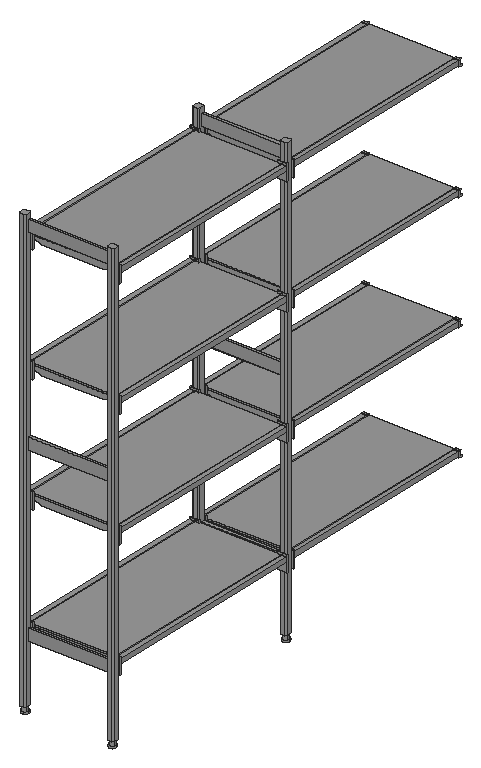
Revit family "QF_ZANUSSI_137060_ACS1664", category Attrezzature speciali, Revit 2020
Family settings
  Quota connettore circolare = Usa diametro
  Tipo di parte = Normale
  Basato su piano di lavoro = No
  Sempre verticale = Sì
  Taglio con vuoti quando caricato = No
  Condiviso = No
  Punto di calcolo locali = No
Parameters (values of type "Standard")
  Weight = 28.00 kg
  Watts = 0 W
  Volts = 0 V
  URL Manufacturer = "http://www.zanussiprofessional.com"
  URL = "http://www.zanussiprofessional.com"
  Steam Supply Size = 0 mm
  Steam Supply Minimum Pressure = 0.0 Pa
  Steam Supply Maximum Pressure = 0.0 Pa
  Steam Consumption per Hour = 0
  Refrigeration Suction Line Size = 0.0 mm
  Refrigeration Liquid Line Size = 0.0 mm
  Refrigerant Compressor Remote = yes
  Prospetto di default = 0.0 mm
  Phase = 0
  Modello = "ACS1664"
  Produttore = "Zanussi"
  Length Actual = 1668.0 mm  # constant formula
  Item Number = "137060"
  Hot Water Size = 0 mm
  Height Actual = 1700.0 mm  # constant formula
  HP = "0 HP"
  Gas Size = 0 mm
  Gas KW = 0
  Gas Input Pressure = 0 W
  Direct Waste Size = 0 mm
  Descrizione = "ALUM.CORNER SHELV.-POLY.TIERS-373X1668MM"
  Depth Actual = 373.0 mm  # constant formula
  Cycle = 0 Hz
  Condensate Return Size = 0 mm
  Compressed Air Volume = 0.0 L/s
  Compressed Air Size = 0 mm
  Compressed Air Pressure = 0.0 Pa
  Cold Water Size = 0 mm
  Accessory = yes
Reference planes
  plane 1: z = 0
  plane 2 "CenterLeft": y = -535.5
  plane 3 "FRONT": y = -921.5
  plane 4 "LEFT": x = 192.5
  plane 5 "RIGHT": x = 565.5
  plane 6 "TOP": z = 1700
  plane 7: y = -889.5
  plane 8: y = -91.5
  plane 9 "Center (Left/Back)": x = 379
  plane 10: x = 205
  plane 11: x = 515
  plane 12 "FEET": z = 25
  plane 13: z = 275
  plane 14: z = 725
  plane 15: z = 1175
  plane 16: z = 1625
  plane 17 "CXLeft": y = -907.5
  plane 18 "Center (Front/Back)": y = -73.5
  plane 19 "CYFront": x = 510
  plane 20: y = 742.5
  plane 21: y = -55.5
  plane 22 "BACK": y = 746.5
  plane 23 "LEFT_ORIGIN": x = 158.5
  plane 24 "BACK_ORIGIN": y = 1119.5
Forms (mm)
  Extrusion 1, solid, material "QF_Aluminum"
    sketch origin (38.022, -921.5, -4.006) x (-1, 0, 0) y (0, 0, 1)
      loop
        line (-189.5, 1637.003) -> (-173.5, 1637.003) -> (-173.5, 1655) -> (-175.493, 1655) -> (-175.493, 1648.501) -> (-506.5, 1648.501) -> (-506.5, 1655) -> (-508.5, 1655) -> (-508.5, 1637.003) -> (-492.5, 1637.003) -> (-458.5, 1625) -> (-223.5, 1625) -> (-189.5, 1637.003)
      loop
        line (-189.5, 1187.003) -> (-173.5, 1187.003) -> (-173.5, 1205) -> (-175.493, 1205) -> (-175.493, 1198.501) -> (-506.5, 1198.501) -> (-506.5, 1205) -> (-508.5, 1205) -> (-508.5, 1187.003) -> (-492.5, 1187.003) -> (-458.5, 1175) -> (-223.5, 1175) -> (-189.5, 1187.003)
      loop
        line (-189.5, 737.003) -> (-173.5, 737.003) -> (-173.5, 755) -> (-175.493, 755) -> (-175.493, 748.501) -> (-506.5, 748.501) -> (-506.5, 755) -> (-508.5, 755) -> (-508.5, 737.003) -> (-492.5, 737.003) -> (-458.5, 725) -> (-223.5, 725) -> (-189.5, 737.003)
      loop
        line (-189.5, 287.003) -> (-173.5, 287.003) -> (-173.5, 305) -> (-175.493, 305) -> (-175.493, 298.501) -> (-506.5, 298.501) -> (-506.5, 305) -> (-508.5, 305) -> (-508.5, 287.003) -> (-492.5, 287.003) -> (-458.5, 275) -> (-223.5, 275) -> (-189.5, 287.003)
    from 37 to 32
  Extrusion 2, solid, material "QF_Aluminum"
    sketch origin (38.022, -921.5, 0) x (-1, 0, 0) y (0, 0, 1)
      loop
        line (-154.478, 246.005) -> (-154.478, 307.993) -> (-190.471, 307.993) -> (-190.471, 246.005) -> (-154.478, 246.005)
      loop
        line (-527.478, 246.005) -> (-491.484, 246.005) -> (-491.484, 307.993) -> (-527.478, 307.993) -> (-527.478, 246.005)
      loop
        line (-154.478, 696.005) -> (-154.478, 757.993) -> (-190.471, 757.993) -> (-190.471, 696.005) -> (-154.478, 696.005)
      loop
        line (-527.478, 696.005) -> (-491.484, 696.005) -> (-491.484, 757.993) -> (-527.478, 757.993) -> (-527.478, 696.005)
      loop
        line (-154.478, 1146.005) -> (-154.478, 1207.993) -> (-190.471, 1207.993) -> (-190.471, 1146.005) -> (-154.478, 1146.005)
      loop
        line (-527.478, 1146.005) -> (-491.484, 1146.005) -> (-491.484, 1207.993) -> (-527.478, 1207.993) -> (-527.478, 1146.005)
      loop
        line (-154.478, 1596.005) -> (-154.478, 1657.993) -> (-190.471, 1657.993) -> (-190.471, 1596.005) -> (-154.478, 1596.005)
      loop
        line (-527.478, 1596.005) -> (-491.484, 1596.005) -> (-491.484, 1657.993) -> (-527.478, 1657.993) -> (-527.478, 1596.005)
    from 28 to 32
  Extrusion 3, solid, material "QF_Aluminum"
    sketch origin (38.022, -921.5, 0) x (-1, 0, 0) y (0, 0, 1)
      loop
        line (-154.5, 1650.994) -> (-173.5, 1650.994) -> (-173.5, 1632.998) -> (-154.5, 1632.998) -> (-154.5, 1650.994)
      loop
        line (-154.5, 1200.994) -> (-173.5, 1200.994) -> (-173.5, 1182.998) -> (-154.5, 1182.998) -> (-154.5, 1200.994)
      loop
        line (-154.5, 750.994) -> (-173.5, 750.994) -> (-173.5, 732.998) -> (-154.5, 732.998) -> (-154.5, 750.994)
      loop
        line (-154.5, 300.994) -> (-173.5, 300.994) -> (-173.5, 282.998) -> (-154.5, 282.998) -> (-154.5, 300.994)
      loop
        line (-527.455, 1650.994) -> (-527.455, 1632.998) -> (-508.455, 1632.998) -> (-508.455, 1650.994) -> (-527.455, 1650.994)
      loop
        line (-527.455, 1200.994) -> (-527.455, 1182.998) -> (-508.455, 1182.998) -> (-508.455, 1200.994) -> (-527.455, 1200.994)
      loop
        line (-527.455, 750.994) -> (-527.455, 732.998) -> (-508.455, 732.998) -> (-508.455, 750.994) -> (-527.455, 750.994)
      loop
        line (-527.455, 300.994) -> (-527.455, 282.998) -> (-508.455, 282.998) -> (-508.455, 300.994) -> (-527.455, 300.994)
    from 32 to 830
  Extrusion 4, solid, material "QF_Polyethylene"
    sketch origin (38.022, -921.5, 0) x (-1, 0, 0) y (0, 0, 1)
      loop
        line (-175.493, 1650.994) -> (-506.5, 1650.994) -> (-506.5, 1644.496) -> (-175.493, 1644.496) -> (-175.493, 1650.994)
      loop
        line (-175.493, 1200.994) -> (-506.5, 1200.994) -> (-506.5, 1194.496) -> (-175.493, 1194.496) -> (-175.493, 1200.994)
      loop
        line (-175.493, 750.994) -> (-506.5, 750.994) -> (-506.5, 744.496) -> (-175.493, 744.496) -> (-175.493, 750.994)
      loop
        line (-175.493, 300.994) -> (-506.5, 300.994) -> (-506.5, 294.496) -> (-175.493, 294.496) -> (-175.493, 300.994)
    from 32 to 830
  Extrusion 5, solid, material "QF_Aluminum"
    sketch origin (38.022, 684.5, 0) x (-1, 0, 0) y (0, 0, 1)
      loop
        line (-154.5, 1650.994) -> (-173.5, 1650.994) -> (-173.5, 1632.998) -> (-154.5, 1632.998) -> (-154.5, 1650.994)
      loop
        line (-508.5, 1650.994) -> (-527.455, 1650.994) -> (-527.455, 1632.998) -> (-508.5, 1632.998) -> (-508.5, 1650.994)
      loop
        line (-154.5, 1200.994) -> (-173.5, 1200.994) -> (-173.5, 1182.998) -> (-154.5, 1182.998) -> (-154.5, 1200.994)
      loop
        line (-508.5, 1200.994) -> (-527.455, 1200.994) -> (-527.455, 1182.998) -> (-508.5, 1182.998) -> (-508.5, 1200.994)
      loop
        line (-154.5, 750.994) -> (-173.5, 750.994) -> (-173.5, 732.998) -> (-154.5, 732.998) -> (-154.5, 750.994)
      loop
        line (-508.5, 750.994) -> (-527.455, 750.994) -> (-527.455, 732.998) -> (-508.5, 732.998) -> (-508.5, 750.994)
      loop
        line (-154.5, 300.994) -> (-173.5, 300.994) -> (-173.5, 282.998) -> (-154.5, 282.998) -> (-154.5, 300.994)
      loop
        line (-508.5, 300.994) -> (-527.455, 300.994) -> (-527.455, 282.998) -> (-508.5, 282.998) -> (-508.5, 300.994)
    from 58 to -740
  Extrusion 6, solid, material "QF_Polyethylene"
    sketch origin (38.022, 684.5, 0) x (-1, 0, 0) y (0, 0, 1)
      loop
        line (-175.493, 1650.994) -> (-506.5, 1650.994) -> (-506.5, 1644.496) -> (-175.493, 1644.496) -> (-175.493, 1650.994)
      loop
        line (-175.493, 1200.994) -> (-506.5, 1200.994) -> (-506.5, 1194.496) -> (-175.493, 1194.496) -> (-175.493, 1200.994)
      loop
        line (-175.493, 750.994) -> (-506.5, 750.994) -> (-506.5, 744.496) -> (-175.493, 744.496) -> (-175.493, 750.994)
      loop
        line (-175.493, 300.994) -> (-506.5, 300.994) -> (-506.5, 294.496) -> (-175.493, 294.496) -> (-175.493, 300.994)
    from 58 to -740
Lines and regions (mm)
  symbolic lines
    curve 1: line (205, -912.5, 1700) -> (515, -912.5, 1700)
    curve 2: line (515, -902.5, 1700) -> (205, -902.5, 1700)
    curve 3: line (192.5, -893.5, 1700) -> (192.5, -87.5, 1700)
    curve 4: line (565.5, -889.5, 1700) -> (565.5, -91.5, 1700)
    curve 5: line (192.5, -59.5, 1700) -> (192.5, 746.5, 1700)
    curve 6: line (565.5, -59.5, 1700) -> (565.5, 746.5, 1700)
    curve 7: line (211.522, 742.5, 1700) -> (510.507, 742.5, 1700)
    curve 8: line (211.522, -91.5, 1700) -> (510.507, -91.5, 1700)
    curve 9: line (510.507, -55.5, 1700) -> (211.522, -55.5, 1700)
    curve 10: line (211.522, -889.5, 1700) -> (510.507, -889.5, 1700)
    curve 11: line (211.522, -889.5, 1700) -> (211.522, -91.5, 1700)
    curve 12: line (546.478, -91.5, 1700) -> (546.478, -889.5, 1700)
    curve 13: line (211.522, -55.5, 1700) -> (211.522, 742.5, 1700)
    curve 14: line (546.522, 652.5, 1700) -> (546.522, -145.5, 1700)
Dimensions and locks
  plane 3 "FRONT" to plane 2 "CenterLeft" = 386.0 mm
  locked: plane 6 "TOP" to level at 1700
  locked: plane 7 to plane 8 at 798
  locked: plane 10 to plane 11 at 310
  plane 10 to plane 9 "Center (Left/Back)" to plane 11 = 174.0 mm, 136.0 mm
  equal spacing: plane 4 "LEFT", plane 9 "Center (Left/Back)", plane 5 "RIGHT"
  plane 12 "FEET" to level = 25.0 mm
  plane 6 "TOP" to plane 12 "FEET" = 1675.0 mm
  plane 13 to plane 12 "FEET" = 250.0 mm
  plane 14 to plane 13 = 450.0 mm
  plane 15 to plane 14 = 450.0 mm
  plane 16 to plane 15 = 450.0 mm
  plane 19 "CYFront" to Extrusion 1 sketch curve = 34.522 mm
  locked: plane 21 to plane 20 at 798
  locked: plane 8 to plane 18 "Center (Front/Back)" at 18
  locked: plane 18 "Center (Front/Back)" to plane 21 at 18
  locked: plane 3 "FRONT" to plane 7 at 32
  locked: plane 4 "LEFT" to plane 5 "RIGHT" at 373
  locked: plane 23 "LEFT_ORIGIN" to plane 5 "RIGHT" at 407
  locked: plane 22 "BACK" to plane 24 "BACK_ORIGIN" at 373
  locked: plane 22 "BACK" to plane 3 "FRONT" at 1668
  aligned and locked: level to plane 1
  aligned and locked: Extrusion 1 to plane 7
  aligned and locked: plane 7 to Extrusion 2
  aligned and locked: Extrusion 4 to plane 7
  aligned and locked: plane 8 to Extrusion 4
  aligned and locked: Extrusion 3 to plane 7
  aligned and locked: plane 8 to Extrusion 3
  aligned and locked: Extrusion 1 sketch curve to Extrusion 1 sketch curve  (x3)
  aligned and locked: Extrusion 4 sketch curve to Extrusion 1  (x4)
  aligned and locked: Extrusion 5 sketch curve to Extrusion 5 sketch curve  (x2)
  aligned and locked: Extrusion 5 to plane 21  (x5)
  aligned and locked: Extrusion 6 to plane 21  (x5)
  aligned and locked: nested 2 to plane 18 "Center (Front/Back)"
  aligned and locked: nested 1 to plane 17 "CXLeft"
  aligned and locked: plane 7 to Extrusion 3  (x3)
  aligned and locked: Extrusion 3 to plane 8  (x4)
  aligned and locked: Extrusion 4 to plane 8  (x4)
  aligned and locked: plane 20 to Extrusion 5
  aligned and locked: plane 20 to Extrusion 6
  aligned and locked: Extrusion 5 to plane 20  (x3)
  aligned and locked: Extrusion 6 to plane 20  (x3)
  aligned and locked: plane 9 "Center (Left/Back)" to nested 2
  aligned and locked: nested 3 to plane 22 "BACK"
Automatic sketch dimensions
  curve 1 to plane 10 = 0.0 mm
  curve 1 to plane 11 = 0.0 mm
  curve 2 to plane 10 = 0.0 mm
  curve 2 to plane 11 = 0.0 mm
  curve 3 to plane 4 "LEFT" = 0.0 mm
  plane 7 to curve 10 = 0.0 mm
  curve 4 to plane 5 "RIGHT" = 0.0 mm
  plane 7 to curve 4 = 0.0 mm
  plane 8 to curve 8 = 0.0 mm
  plane 8 to curve 4 = 0.0 mm
  curve 6 to plane 5 "RIGHT" = 0.0 mm
  curve 5 to plane 4 "LEFT" = 0.0 mm
  curve 9 to plane 21 = 0.0 mm
  plane 20 to curve 7 = 0.0 mm
  plane 7 to curve 3 = 4.0 mm
  plane 17 "CXLeft" to curve 2 = 5.0 mm
  curve 1 to plane 17 "CXLeft" = 5.0 mm
  curve 3 to plane 8 = 4.0 mm
  curve 6 to plane 21 = 4.0 mm
  curve 5 to plane 21 = 4.0 mm
  curve 6 to plane 20 = 4.0 mm
  curve 5 to plane 20 = 4.0 mm
  plane 11 to curve 10 = 4.493 mm
  plane 11 to curve 9 = 4.493 mm
  plane 11 to curve 8 = 4.493 mm
  plane 11 to curve 7 = 4.493 mm
  curve 8 to plane 10 = 6.522 mm
  curve 7 to plane 10 = 6.522 mm
  Extrusion 1 sketch curve to plane 19 "CYFront" = 36.522 mm  (x4)
  Extrusion 1 sketch curve to plane 11 = 15.522 mm  (x4)
  Extrusion 1 sketch curve to plane 13 = 4.006 mm
  Extrusion 1 sketch curve to Extrusion 1 sketch curve = 34.0 mm  (x4)
  Extrusion 1 sketch curve to plane 14 = 4.006 mm
  Extrusion 1 sketch curve to plane 15 = 4.006 mm
  Extrusion 1 sketch curve to plane 16 = 4.006 mm
  Extrusion 1 sketch curve to plane 10 = 56.522 mm  (x4)
  Extrusion 1 sketch curve to plane 10 = 22.522 mm  (x4)
  plane 13 to Extrusion 1 sketch curve = 7.998 mm  (x2)
  Extrusion 1 sketch curve to Extrusion 1 sketch curve = 11.498 mm  (x4)
  Extrusion 1 sketch curve to Extrusion 1 sketch curve = 6.499 mm  (x8)
  plane 14 to Extrusion 1 sketch curve = 7.998 mm  (x2)
  plane 15 to Extrusion 1 sketch curve = 7.998 mm  (x2)
  plane 16 to Extrusion 1 sketch curve = 7.998 mm  (x2)
  Extrusion 2 sketch curve to plane 5 "RIGHT" = 0.0 mm  (x4)
  Extrusion 2 sketch curve to plane 4 "LEFT" = 0.0 mm  (x4)
  Extrusion 2 sketch curve to plane 11 = 14.507 mm  (x4)
  Extrusion 2 sketch curve to plane 10 = 23.493 mm  (x4)
  Extrusion 2 sketch curve to plane 13 = 28.995 mm  (x2)
  plane 13 to Extrusion 2 sketch curve = 32.993 mm  (x2)
  Extrusion 2 sketch curve to plane 14 = 28.995 mm  (x2)
  plane 14 to Extrusion 2 sketch curve = 32.993 mm  (x2)
  Extrusion 2 sketch curve to plane 15 = 28.995 mm  (x2)
  plane 15 to Extrusion 2 sketch curve = 32.993 mm  (x2)
  Extrusion 2 sketch curve to plane 16 = 28.995 mm  (x2)
  plane 16 to Extrusion 2 sketch curve = 32.993 mm  (x2)
  plane 13 to Extrusion 4 sketch curve = 19.496 mm
  Extrusion 4 sketch curve to Extrusion 4 sketch curve = 6.499 mm  (x4)
  plane 14 to Extrusion 4 sketch curve = 19.496 mm
  plane 15 to Extrusion 4 sketch curve = 19.496 mm
  plane 16 to Extrusion 4 sketch curve = 19.496 mm
  plane 5 "RIGHT" to Extrusion 5 sketch curve = 0.022 mm  (x4)
  Extrusion 5 sketch curve to plane 4 "LEFT" = 19.022 mm  (x4)
  Extrusion 5 sketch curve to plane 19 "CYFront" = 36.522 mm  (x2)
  plane 13 to Extrusion 5 sketch curve = 7.998 mm  (x2)
  Extrusion 5 sketch curve to Extrusion 5 sketch curve = 17.997 mm  (x8)
  plane 14 to Extrusion 5 sketch curve = 7.998 mm  (x2)
  plane 15 to Extrusion 5 sketch curve = 7.998 mm  (x2)
  plane 16 to Extrusion 5 sketch curve = 7.998 mm  (x2)
  Extrusion 6 sketch curve to plane 19 "CYFront" = 34.522 mm  (x4)
  plane 13 to Extrusion 6 sketch curve = 19.496 mm
  Extrusion 6 sketch curve to Extrusion 6 sketch curve = 6.499 mm  (x4)
  plane 14 to Extrusion 6 sketch curve = 19.496 mm
  plane 15 to Extrusion 6 sketch curve = 19.496 mm
  plane 16 to Extrusion 6 sketch curve = 19.496 mm
  plane 5 "RIGHT" to Extrusion 3 sketch curve = 0.022 mm  (x4)
  Extrusion 3 sketch curve to Extrusion 3 sketch curve = 19.0 mm  (x4)
  plane 14 to Extrusion 3 sketch curve = 7.998 mm  (x2)
  Extrusion 3 sketch curve to plane 10 = 6.522 mm  (x4)
  Extrusion 3 sketch curve to plane 4 "LEFT" = 0.022 mm  (x4)
  plane 13 to Extrusion 3 sketch curve = 25.994 mm  (x2)
  plane 13 to Extrusion 3 sketch curve = 7.998 mm  (x2)
  Extrusion 3 sketch curve to Extrusion 3 sketch curve = 17.997 mm  (x6)
  plane 15 to Extrusion 3 sketch curve = 7.998 mm  (x2)
  plane 16 to Extrusion 3 sketch curve = 7.998 mm  (x2)
  plane 7 to curve 12 = 0.0 mm
  plane 8 to curve 12 = 0.0 mm
  curve 4 to curve 12 = 19.022 mm
  Extrusion 1 sketch curve to plane 10 = 8.516 mm  (x4)
  Extrusion 1 sketch curve to plane 10 = 6.522 mm  (x2)
  Extrusion 1 sketch curve to Extrusion 1 sketch curve = 1.993 mm  (x2)
  Extrusion 4 sketch curve to plane 10 = 8.516 mm  (x4)
  Extrusion 5 sketch curve to plane 4 "LEFT" = 0.022 mm  (x4)
  Extrusion 6 sketch curve to plane 10 = 8.516 mm  (x4)
Nested families
  nested 1: "WT_Anta373" at (215.5, -504.5, 0) x (0, 1, 0) z (0, 0, 1), type "WT_Anta373"
  nested 2: "WT_Anta373Center" at (215.5, 329.5, 0) x (0, 1, 0) z (0, 0, 1), type "WT_Anta373Center"
  nested 3: "WT_Aggancio373" at (215.5, 1154.5, 0) x (0, 1, 0) z (0, 0, 1), type "WT_Aggancio373"
Definition of nested family "WT_Anta373"
  Parameters
    WidthLeft = A + 64.0 mm  # 772.0 mm
    Width = 1606.0 mm
    Right = WidthLeft / 2  # 386.0 mm
    Default Elevation = 0.0 mm
    Left = -WidthLeft / 2  # -386.0 mm
    Height = 1725.0 mm
    FEET = 25.0 mm
    E = 0.0 mm
    Dint = Depth - 63.0 mm  # 310.0 mm
    Dext = Depth - 8.0 mm  # 365.0 mm
    Depth = 373.0 mm
    DX = (WidthLeft - A) / 2  # 32.0 mm
    B = 798.0 mm
    A = 708.0 mm
  Reference planes
    plane 1: z = 0
    plane 2 "LEFT": x = -417
    plane 3 "BACK": y = 23
    plane 4 "FRONT": y = -350
    plane 5 "TOP": z = 1725
    plane 6 "Center (Front/Back)": y = -163.5
    plane 7: y = -8.5
    plane 8: y = -318.5
    plane 9 "FEET": z = 25
    plane 10: z = 275
    plane 11: z = 725
    plane 12: z = 1175
    plane 13: z = 1625
    plane 14 "CXLeft": x = -403
    plane 15: y = 5.5
    plane 16 "CYBack": y = 5.5
    plane 17 "CYFront": y = -332.5
    plane 18: x = -385.031
    plane 19: x = -380.031
  Forms (mm)
    Extrusion 1, solid
      sketch origin (0, 0, 0) x (1, 0, 0) y (0, 1, 0)
        loop
          line (-417, 13.246) -> (-417, -2.246) -> (-410.746, -8.5) -> (-395.254, -8.5) -> (-389, -2.246) -> (-389, 13.246) -> (-395.254, 19.5) -> (-410.746, 19.5) -> (-417, 13.246)
      from 1725 to 25
    Extrusion 2, solid
      sketch origin (-417, 0, 0) x (0, 1, 0) y (0, 0, 1)
        loop
          line (23, 246.005) -> (23, 307.993) -> (-12.993, 307.993) -> (-12.993, 246.005) -> (23, 246.005)
        loop
          line (-350, 246.005) -> (-314.007, 246.005) -> (-314.007, 307.993) -> (-350, 307.993) -> (-350, 246.005)
        loop
          line (23, 696.005) -> (23, 757.993) -> (-12.993, 757.993) -> (-12.993, 696.005) -> (23, 696.005)
        loop
          line (-350, 696.005) -> (-314.007, 696.005) -> (-314.007, 757.993) -> (-350, 757.993) -> (-350, 696.005)
        loop
          line (23, 1146.005) -> (23, 1207.993) -> (-12.993, 1207.993) -> (-12.993, 1146.005) -> (23, 1146.005)
        loop
          line (-350, 1146.005) -> (-314.007, 1146.005) -> (-314.007, 1207.993) -> (-350, 1207.993) -> (-350, 1146.005)
        loop
          line (23, 1596.005) -> (23, 1657.993) -> (-12.993, 1657.993) -> (-12.993, 1596.005) -> (23, 1596.005)
        loop
          line (-350, 1596.005) -> (-314.007, 1596.005) -> (-314.007, 1657.993) -> (-350, 1657.993) -> (-350, 1596.005)
      from 28 to 32
    Revolve 3, solid
      sketch origin (-403, 0, 0) x (0, 1, 0) y (0, 0, 1)
        loop
          line (5.5, 25) -> (5.5, 0) -> (19, 0) -> (19, 5) -> (14, 5) -> (14, 25) -> (5.5, 25)
        axis (5.5, 25) -> (5.5, 0)
      angle from 0 to 360
    Extrusion 4, solid
      sketch origin (-403, 0, 0) x (0, 1, 0) y (0, 0, 1)
        loop
          line (-8.5, 912.382) -> (-8.5, 957.374) -> (-318.5, 957.374) -> (-318.5, 912.382) -> (-8.5, 912.382)
        loop
          line (-8.5, 1662.244) -> (-8.5, 1707.236) -> (-318.5, 1707.236) -> (-318.5, 1662.244) -> (-8.5, 1662.244)
      from -5 to 5
    Revolve 5, solid
      sketch origin (-403, -627, 0) x (0, -1, 0) y (0, 0, 1)
        loop
          line (-294.5, 25) -> (-294.5, 0) -> (-281, 0) -> (-281, 5) -> (-286, 5) -> (-286, 25) -> (-294.5, 25)
        axis (-294.5, 25) -> (-294.5, 0)
      angle from 0 to 360
    Extrusion 6, solid
      sketch origin (0, -627, 0) x (1, 0, 0) y (0, 1, 0)
        loop
          line (-417, 286.754) -> (-410.746, 280.5) -> (-395.254, 280.5) -> (-389, 286.754) -> (-389, 302.246) -> (-395.254, 308.5) -> (-410.746, 308.5) -> (-417, 302.246) -> (-417, 286.754)
      from 1725 to 25
    Extrusion 7, solid
      sketch origin (-417.031, -0.022, 0) x (0, 1, 0) y (0, 0, -1)
        loop
          line (-12, -1632.998) -> (-46, -1620.994) -> (-281, -1620.994) -> (-315, -1632.998) -> (-331, -1632.998) -> (-331, -1650.994) -> (-329, -1650.994) -> (-329, -1644.496) -> (2.007, -1644.496) -> (2.007, -1650.994) -> (4, -1650.994) -> (4, -1632.998) -> (-12, -1632.998)
        loop
          line (-12, -1182.998) -> (-46, -1170.994) -> (-281, -1170.994) -> (-315, -1182.998) -> (-331, -1182.998) -> (-331, -1200.994) -> (-329, -1200.994) -> (-329, -1194.496) -> (2.007, -1194.496) -> (2.007, -1200.994) -> (4, -1200.994) -> (4, -1182.998) -> (-12, -1182.998)
        loop
          line (-12, -732.998) -> (-46, -720.994) -> (-281, -720.994) -> (-315, -732.998) -> (-331, -732.998) -> (-331, -750.994) -> (-329, -750.994) -> (-329, -744.496) -> (2.007, -744.496) -> (2.007, -750.994) -> (4, -750.994) -> (4, -732.998) -> (-12, -732.998)
        loop
          line (-12, -282.998) -> (-46, -270.994) -> (-281, -270.994) -> (-315, -282.998) -> (-331, -282.998) -> (-331, -300.994) -> (-329, -300.994) -> (-329, -294.496) -> (2.007, -294.496) -> (2.007, -300.994) -> (4, -300.994) -> (4, -282.998) -> (-12, -282.998)
      from -32 to -37
    Extrusion 8, solid
      sketch origin (-403, 0, -659.878) x (0, 1, 0) y (0, 0, 1)
        loop
          line (-8.5, 912.382) -> (-8.5, 957.374) -> (-318.5, 957.374) -> (-318.5, 912.382) -> (-8.5, 912.382)
        loop
          line (-8.5, 1572.382) -> (-8.5, 1617.374) -> (-318.5, 1617.374) -> (-318.5, 1572.382) -> (-8.5, 1572.382)
        loop
          line (-8.5, 2322.382) -> (-8.5, 2367.374) -> (-318.5, 2367.374) -> (-318.5, 2322.382) -> (-8.5, 2322.382)
      from -5 to 5
  Lines and regions (mm)
    symbolic lines
      curve 1: line (-408, -8.5, 1725) -> (-408, -318.5, 1725)
      curve 2: line (-398, -318.5, 1725) -> (-398, -8.5, 1725)
      curve 3: line (-395.254, -8.5, 1725) -> (-410.746, -8.5, 1725)
      curve 4: line (-417, -2.246, 1725) -> (-410.746, -8.5, 1725)
      curve 5: line (-417, 13.246, 1725) -> (-417, -2.246, 1725)
      curve 6: line (-410.746, 19.5, 1725) -> (-417, 13.246, 1725)
      curve 7: line (-395.254, 19.5, 1725) -> (-410.746, 19.5, 1725)
      curve 8: line (-389, 13.246, 1725) -> (-395.254, 19.5, 1725)
      curve 9: line (-395.254, -8.5, 1725) -> (-389, -2.246, 1725)
      curve 10: line (-395.254, -318.5, 1725) -> (-410.746, -318.5, 1725)
      curve 11: line (-417, -324.754, 1725) -> (-410.746, -318.5, 1725)
      curve 12: line (-410.746, -346.5, 1725) -> (-417, -340.246, 1725)
      curve 13: line (-395.254, -346.5, 1725) -> (-410.746, -346.5, 1725)
      curve 14: line (-389, -340.246, 1725) -> (-395.254, -346.5, 1725)
      curve 15: line (-395.254, -318.5, 1725) -> (-389, -324.754, 1725)
      curve 16: line (-389, -350, 1725) -> (-389, -314.007, 1725)
      curve 17: line (-389, -314.007, 1725) -> (-385, -314.007, 1725)
      curve 18: line (-389, 23, 1725) -> (-389, -12.993, 1725)
      curve 19: line (-389, -12.993, 1725) -> (-385, -12.993, 1725)
      curve 20: line (-417, -324.754, 1725) -> (-417, -340.246, 1725)
      curve 21: line (-385, -350, 1725) -> (-385, -314.007, 1725)
      curve 22: line (-385, -350, 1725) -> (-389, -350, 1725)
      curve 23: line (-385, 23, 1725) -> (-389, 23, 1725)
      curve 24: line (-385, -12.993, 1725) -> (-385, 23, 1725)
      curve 25: line (-385.031, -13.016, 1725) -> (-385.031, -314.029, 1725)
  Dimensions and locks
    "Height": plane 5 "TOP" to level
    "Depth": plane 3 "BACK" to plane 4 "FRONT"
    "Dint": plane 7 to plane 8
    equal spacing: plane 7, plane 6 "Center (Front/Back)", plane 8
    equal spacing: plane 3 "BACK", plane 6 "Center (Front/Back)", plane 4 "FRONT"
    plane 9 "FEET" to level = 25.0 mm
    plane 5 "TOP" to plane 9 "FEET" = 1700.0 mm
    plane 10 to plane 9 "FEET" = 250.0 mm
    plane 11 to plane 10 = 450.0 mm
    plane 12 to plane 11 = 450.0 mm
    plane 13 to plane 12 = 450.0 mm
    locked: plane 2 "LEFT" to plane 14 "CXLeft" at 14
    locked: plane 3 "BACK" to plane 16 "CYBack" at 17.5
    locked: plane 17 "CYFront" to plane 4 "FRONT" at 17.5
    locked: Revolve 3 sketch curve to Revolve 3 sketch curve at 8.5
    locked: Revolve 3 sketch curve to plane 16 "CYBack" at 13.5
    locked: Revolve 5 sketch curve to Revolve 5 sketch curve at 8.5
    aligned and locked: level to plane 1
    aligned and locked: curve 20 to Extrusion 6
    aligned and locked: plane 5 "TOP" to Extrusion 1
    aligned and locked: plane 5 "TOP" to Extrusion 6
    aligned and locked: Extrusion 7 sketch curve to Extrusion 7 sketch curve  (x3)
  Automatic sketch dimensions
    curve 16 to plane 4 "FRONT" = 0.0 mm
    curve 11 to plane 8 = 0.0 mm
    curve 9 to plane 7 = 0.0 mm
    curve 5 to plane 2 "LEFT" = 0.0 mm
    curve 23 to plane 3 "BACK" = 0.0 mm
    plane 4 "FRONT" to curve 13 = 3.5 mm
    curve 20 to plane 17 "CYFront" = 7.746 mm
    curve 20 to plane 8 = 6.254 mm
    plane 8 to curve 16 = 4.493 mm
    curve 24 to plane 18 = 0.031 mm
    curve 24 to plane 7 = 4.493 mm
    plane 7 to curve 5 = 6.254 mm
    curve 5 to plane 15 = 7.746 mm
    curve 6 to plane 3 "BACK" = 3.5 mm
    curve 21 to plane 18 = 0.031 mm
    plane 18 to curve 23 = 3.969 mm
    plane 18 to curve 16 = 3.969 mm
    curve 18 to curve 8 = 6.254 mm
    curve 18 to curve 3 = 6.254 mm
    curve 16 to curve 13 = 6.254 mm
    curve 16 to curve 15 = 6.254 mm
    plane 2 "LEFT" to curve 10 = 6.254 mm
    plane 2 "LEFT" to curve 7 = 6.254 mm
    plane 2 "LEFT" to curve 12 = 6.254 mm
    plane 2 "LEFT" to curve 3 = 6.254 mm
    curve 14 to plane 17 "CYFront" = 7.746 mm
    curve 15 to plane 8 = 6.254 mm
    plane 7 to curve 9 = 6.254 mm
    curve 8 to plane 15 = 7.746 mm
    curve 3 to curve 2 = 2.746 mm
    curve 1 to curve 10 = 2.746 mm
    Extrusion 1 sketch curve to plane 2 "LEFT" = 0.0 mm
    Extrusion 1 sketch curve to plane 7 = 0.0 mm
    plane 2 "LEFT" to Extrusion 1 sketch curve = 6.254 mm  (x2)
    plane 14 "CXLeft" to Extrusion 1 sketch curve = 7.746 mm  (x2)
    Extrusion 1 sketch curve to plane 3 "BACK" = 3.5 mm
    plane 18 to Extrusion 1 sketch curve = 3.969 mm
    plane 7 to Extrusion 1 sketch curve = 6.254 mm  (x2)
    Extrusion 1 sketch curve to plane 15 = 7.746 mm  (x2)
    Extrusion 2 sketch curve to plane 4 "FRONT" = 0.0 mm  (x4)
    Extrusion 2 sketch curve to plane 3 "BACK" = 0.0 mm  (x4)
    plane 8 to Extrusion 2 sketch curve = 4.493 mm  (x4)
    Extrusion 2 sketch curve to plane 7 = 4.493 mm  (x4)
    Extrusion 2 sketch curve to plane 10 = 28.995 mm  (x2)
    plane 10 to Extrusion 2 sketch curve = 32.993 mm  (x2)
    Extrusion 2 sketch curve to plane 11 = 28.995 mm  (x2)
    plane 11 to Extrusion 2 sketch curve = 32.993 mm  (x2)
    Extrusion 2 sketch curve to plane 12 = 28.995 mm  (x2)
    plane 12 to Extrusion 2 sketch curve = 32.993 mm  (x2)
    Extrusion 2 sketch curve to plane 13 = 28.995 mm  (x2)
    plane 13 to Extrusion 2 sketch curve = 32.993 mm  (x2)
    Revolve 3 sketch curve to plane 9 "FEET" = 0.0 mm  (x2)
    Revolve 3 sketch curve to plane 15 = 0.0 mm  (x2)
    Revolve 3 sketch curve to level = 0.0 mm
    level to Revolve 3 sketch curve = 5.0 mm
    Revolve 3 sketch curve to Revolve 3 sketch curve = 11.655 mm
    Extrusion 4 sketch curve to plane 8 = 0.0 mm  (x2)
    Extrusion 4 sketch curve to plane 7 = 0.0 mm  (x2)
    plane 11 to Extrusion 4 sketch curve = 187.382 mm
    Extrusion 4 sketch curve to Extrusion 4 sketch curve = 44.992 mm
    plane 13 to Extrusion 4 sketch curve = 37.244 mm
    Extrusion 4 sketch curve to plane 5 "TOP" = 17.764 mm
    Revolve 5 sketch curve to plane 9 "FEET" = 0.0 mm  (x2)
    Revolve 5 sketch curve to plane 17 "CYFront" = 0.0 mm  (x2)
    Revolve 5 sketch curve to level = 0.0 mm
    Revolve 5 sketch curve to plane 4 "FRONT" = 4.0 mm
    Revolve 5 sketch curve to Revolve 5 sketch curve = 5.0 mm
    level to Revolve 5 sketch curve = 11.655 mm
    Extrusion 6 sketch curve to plane 2 "LEFT" = 0.0 mm
    Extrusion 6 sketch curve to plane 8 = 0.0 mm
    Extrusion 6 sketch curve to plane 2 "LEFT" = 6.254 mm  (x2)
    Extrusion 6 sketch curve to plane 14 "CXLeft" = 7.746 mm  (x2)
    Extrusion 6 sketch curve to plane 4 "FRONT" = 3.5 mm
    Extrusion 6 sketch curve to plane 18 = 3.969 mm
    plane 8 to Extrusion 6 sketch curve = 6.254 mm  (x2)
    plane 17 "CYFront" to Extrusion 6 sketch curve = 7.746 mm  (x2)
    plane 17 "CYFront" to Extrusion 7 sketch curve = 1.478 mm  (x4)
    Extrusion 7 sketch curve to Extrusion 7 sketch curve = 2.0 mm
    plane 8 to Extrusion 7 sketch curve = 3.478 mm  (x4)
    Extrusion 7 sketch curve to plane 10 = 4.006 mm
    Extrusion 7 sketch curve to Extrusion 7 sketch curve = 34.0 mm  (x4)
    Extrusion 7 sketch curve to plane 11 = 4.006 mm
    Extrusion 7 sketch curve to plane 12 = 4.006 mm
    Extrusion 7 sketch curve to plane 13 = 4.006 mm
    Extrusion 7 sketch curve to plane 7 = 37.522 mm  (x4)
    Extrusion 7 sketch curve to plane 7 = 3.522 mm  (x4)
    plane 15 to Extrusion 7 sketch curve = 3.516 mm  (x4)
    plane 15 to Extrusion 7 sketch curve = 1.522 mm  (x4)
    plane 13 to Extrusion 7 sketch curve = 7.998 mm  (x2)
    Extrusion 7 sketch curve to Extrusion 7 sketch curve = 11.498 mm
    Extrusion 7 sketch curve to Extrusion 7 sketch curve = 6.499 mm  (x5)
    plane 12 to Extrusion 7 sketch curve = 25.994 mm  (x2)
    plane 12 to Extrusion 7 sketch curve = 7.998 mm  (x2)
    plane 11 to Extrusion 7 sketch curve = 25.994 mm  (x2)
    plane 11 to Extrusion 7 sketch curve = 7.998 mm  (x2)
    plane 10 to Extrusion 7 sketch curve = 25.994 mm  (x2)
    plane 10 to Extrusion 7 sketch curve = 7.998 mm  (x2)
    curve 25 to plane 18 = 0.0 mm
    plane 8 to curve 25 = 4.471 mm
    curve 25 to plane 7 = 4.516 mm
    Extrusion 8 sketch curve to plane 8 = 0.0 mm  (x3)
    Extrusion 8 sketch curve to plane 7 = 0.0 mm  (x3)
    Extrusion 8 sketch curve to plane 10 = 22.496 mm
    plane 10 to Extrusion 8 sketch curve = 22.496 mm
    plane 11 to Extrusion 8 sketch curve = 187.504 mm
    Extrusion 8 sketch curve to Extrusion 8 sketch curve = 44.992 mm
    plane 13 to Extrusion 8 sketch curve = 37.504 mm
    Extrusion 8 sketch curve to plane 5 "TOP" = 17.504 mm
Definition of nested family "WT_Anta373Center"
  Parameters
    WidthLeft = A + 64.0 mm  # 772.0 mm
    Width = 1606.0 mm
    Right = WidthLeft / 2  # 386.0 mm
    Default Elevation = 0.0 mm
    Left = -WidthLeft / 2  # -386.0 mm
    Height = 1725.0 mm
    FEET = 25.0 mm
    E = 0.0 mm
    Dint = Depth - 63.0 mm  # 310.0 mm
    Dext = Depth - 8.0 mm  # 365.0 mm
    Depth = 373.0 mm
    DX = (WidthLeft - A) / 2  # 32.0 mm
    B = 798.0 mm
    A = 708.0 mm
  Reference planes
    plane 1: z = 0
    plane 2 "L": x = -417
    plane 3 "BACK": y = 23
    plane 4 "FRONT": y = -350
    plane 5 "TOP": z = 1725
    plane 6 "Center (Front/Back)": y = -163.5
    plane 7: y = -8.5
    plane 8: y = -318.5
    plane 9 "FEET": z = 25
    plane 10: z = 275
    plane 11: z = 725
    plane 12: z = 1175
    plane 13: z = 1625
    plane 14 "CXLeft": x = -403
    plane 15: y = 5.5
    plane 16 "CYBack": y = 5.5
    plane 17 "CYFront": y = -332.5
    plane 18: x = -385.031
    plane 19 "RIGHT": x = -380.031
    plane 20: x = -420.969
    plane 21 "LEFT": x = -425.969
  Forms (mm)
    Extrusion 1, solid
      sketch origin (0, 0, 0) x (1, 0, 0) y (0, 1, 0)
        loop
          line (-417, 13.246) -> (-417, -2.246) -> (-410.746, -8.5) -> (-395.254, -8.5) -> (-389, -2.246) -> (-389, 13.246) -> (-395.254, 19.5) -> (-410.746, 19.5) -> (-417, 13.246)
      from 1725 to 25
    Extrusion 2, solid
      sketch origin (-417, 0, 0) x (0, 1, 0) y (0, 0, 1)
        loop
          line (23, 246.005) -> (23, 307.993) -> (-12.993, 307.993) -> (-12.993, 246.005) -> (23, 246.005)
        loop
          line (-350, 246.005) -> (-314.007, 246.005) -> (-314.007, 307.993) -> (-350, 307.993) -> (-350, 246.005)
        loop
          line (23, 696.005) -> (23, 757.993) -> (-12.993, 757.993) -> (-12.993, 696.005) -> (23, 696.005)
        loop
          line (-350, 696.005) -> (-314.007, 696.005) -> (-314.007, 757.993) -> (-350, 757.993) -> (-350, 696.005)
        loop
          line (23, 1146.005) -> (23, 1207.993) -> (-12.993, 1207.993) -> (-12.993, 1146.005) -> (23, 1146.005)
        loop
          line (-350, 1146.005) -> (-314.007, 1146.005) -> (-314.007, 1207.993) -> (-350, 1207.993) -> (-350, 1146.005)
        loop
          line (23, 1596.005) -> (23, 1657.993) -> (-12.993, 1657.993) -> (-12.993, 1596.005) -> (23, 1596.005)
        loop
          line (-350, 1596.005) -> (-314.007, 1596.005) -> (-314.007, 1657.993) -> (-350, 1657.993) -> (-350, 1596.005)
      from 28 to 32
    Revolve 3, solid
      sketch origin (-403, 0, 0) x (0, 1, 0) y (0, 0, 1)
        loop
          line (5.5, 25) -> (5.5, 0) -> (19, 0) -> (19, 5) -> (14, 5) -> (14, 25) -> (5.5, 25)
        axis (5.5, 25) -> (5.5, 0)
      angle from 0 to 360
    Extrusion 4, solid
      sketch origin (-403, 0, 0) x (0, 1, 0) y (0, 0, 1)
        loop
          line (-8.5, 912.382) -> (-8.5, 957.374) -> (-318.5, 957.374) -> (-318.5, 912.382) -> (-8.5, 912.382)
        loop
          line (-8.5, 1662.244) -> (-8.5, 1707.236) -> (-318.5, 1707.236) -> (-318.5, 1662.244) -> (-8.5, 1662.244)
      from -5 to 5
    Revolve 5, solid
      sketch origin (-403, -627, 0) x (0, -1, 0) y (0, 0, 1)
        loop
          line (-294.5, 25) -> (-294.5, 0) -> (-281, 0) -> (-281, 5) -> (-286, 5) -> (-286, 25) -> (-294.5, 25)
        axis (-294.5, 25) -> (-294.5, 0)
      angle from 0 to 360
    Extrusion 6, solid
      sketch origin (0, -627, 0) x (1, 0, 0) y (0, 1, 0)
        loop
          line (-417, 286.754) -> (-410.746, 280.5) -> (-395.254, 280.5) -> (-389, 286.754) -> (-389, 302.246) -> (-395.254, 308.5) -> (-410.746, 308.5) -> (-417, 302.246) -> (-417, 286.754)
      from 1725 to 25
    Extrusion 7, solid
      sketch origin (-417.031, -0.022, 0) x (0, 1, 0) y (0, 0, -1)
        loop
          line (-12, -1632.998) -> (-46, -1620.994) -> (-281, -1620.994) -> (-315, -1632.998) -> (-331, -1632.998) -> (-331, -1650.994) -> (-329, -1650.994) -> (-329, -1644.496) -> (2.007, -1644.496) -> (2.007, -1650.994) -> (4, -1650.994) -> (4, -1632.998) -> (-12, -1632.998)
        loop
          line (-12, -1182.998) -> (-46, -1170.994) -> (-281, -1170.994) -> (-315, -1182.998) -> (-331, -1182.998) -> (-331, -1200.994) -> (-329, -1200.994) -> (-329, -1194.496) -> (2.007, -1194.496) -> (2.007, -1200.994) -> (4, -1200.994) -> (4, -1182.998) -> (-12, -1182.998)
        loop
          line (-12, -732.998) -> (-46, -720.994) -> (-281, -720.994) -> (-315, -732.998) -> (-331, -732.998) -> (-331, -750.994) -> (-329, -750.994) -> (-329, -744.496) -> (2.007, -744.496) -> (2.007, -750.994) -> (4, -750.994) -> (4, -732.998) -> (-12, -732.998)
        loop
          line (-12, -282.998) -> (-46, -270.994) -> (-281, -270.994) -> (-315, -282.998) -> (-331, -282.998) -> (-331, -300.994) -> (-329, -300.994) -> (-329, -294.496) -> (2.007, -294.496) -> (2.007, -300.994) -> (4, -300.994) -> (4, -282.998) -> (-12, -282.998)
      from -32 to -37
    Extrusion 8, solid
      sketch origin (-403, 0, -659.878) x (0, 1, 0) y (0, 0, 1)
        loop
          line (-8.5, 912.382) -> (-8.5, 957.374) -> (-318.5, 957.374) -> (-318.5, 912.382) -> (-8.5, 912.382)
        loop
          line (-8.5, 1572.382) -> (-8.5, 1617.374) -> (-318.5, 1617.374) -> (-318.5, 1572.382) -> (-8.5, 1572.382)
        loop
          line (-8.5, 2322.382) -> (-8.5, 2367.374) -> (-318.5, 2367.374) -> (-318.5, 2322.382) -> (-8.5, 2322.382)
      from -5 to 5
    Extrusion 9, solid
      sketch origin (-389, 0, 0) x (0, 1, 0) y (0, 0, -1)
        loop
          line (23, -246.005) -> (-12.993, -246.005) -> (-12.993, -307.993) -> (23, -307.993) -> (23, -246.005)
        loop
          line (-350, -246.005) -> (-350, -307.993) -> (-314.007, -307.993) -> (-314.007, -246.005) -> (-350, -246.005)
        loop
          line (23, -696.005) -> (-12.993, -696.005) -> (-12.993, -757.993) -> (23, -757.993) -> (23, -696.005)
        loop
          line (-350, -696.005) -> (-350, -757.993) -> (-314.007, -757.993) -> (-314.007, -696.005) -> (-350, -696.005)
        loop
          line (23, -1146.005) -> (-12.993, -1146.005) -> (-12.993, -1207.993) -> (23, -1207.993) -> (23, -1146.005)
        loop
          line (-350, -1146.005) -> (-350, -1207.993) -> (-314.007, -1207.993) -> (-314.007, -1146.005) -> (-350, -1146.005)
        loop
          line (23, -1596.005) -> (-12.993, -1596.005) -> (-12.993, -1657.993) -> (23, -1657.993) -> (23, -1596.005)
        loop
          line (-350, -1596.005) -> (-350, -1657.993) -> (-314.007, -1657.993) -> (-314.007, -1596.005) -> (-350, -1596.005)
      from 28 to 32
    Extrusion 10, solid
      sketch origin (-388.969, -0.022, 0) x (0, 1, 0) y (0, 0, 1)
        loop
          line (-12, 1632.998) -> (4, 1632.998) -> (4, 1650.994) -> (2.007, 1650.994) -> (2.007, 1644.496) -> (-329, 1644.496) -> (-329, 1650.994) -> (-331, 1650.994) -> (-331, 1632.998) -> (-315, 1632.998) -> (-281, 1620.994) -> (-46, 1620.994) -> (-12, 1632.998)
        loop
          line (-12, 1182.998) -> (4, 1182.998) -> (4, 1200.994) -> (2.007, 1200.994) -> (2.007, 1194.496) -> (-329, 1194.496) -> (-329, 1200.994) -> (-331, 1200.994) -> (-331, 1182.998) -> (-315, 1182.998) -> (-281, 1170.994) -> (-46, 1170.994) -> (-12, 1182.998)
        loop
          line (-12, 732.998) -> (4, 732.998) -> (4, 750.994) -> (2.007, 750.994) -> (2.007, 744.496) -> (-329, 744.496) -> (-329, 750.994) -> (-331, 750.994) -> (-331, 732.998) -> (-315, 732.998) -> (-281, 720.994) -> (-46, 720.994) -> (-12, 732.998)
        loop
          line (-12, 282.998) -> (4, 282.998) -> (4, 300.994) -> (2.007, 300.994) -> (2.007, 294.496) -> (-329, 294.496) -> (-329, 300.994) -> (-331, 300.994) -> (-331, 282.998) -> (-315, 282.998) -> (-281, 270.994) -> (-46, 270.994) -> (-12, 282.998)
      from -32 to -37
  Lines and regions (mm)
    symbolic lines
      curve 1: line (-408, -8.5, 1725) -> (-408, -318.5, 1725)
      curve 2: line (-398, -318.5, 1725) -> (-398, -8.5, 1725)
      curve 3: line (-395.254, -8.5, 1725) -> (-410.746, -8.5, 1725)
      curve 4: line (-417, -2.246, 1725) -> (-410.746, -8.5, 1725)
      curve 5: line (-410.746, 19.5, 1725) -> (-417, 13.246, 1725)
      curve 6: line (-395.254, 19.5, 1725) -> (-410.746, 19.5, 1725)
      curve 7: line (-389, 13.246, 1725) -> (-395.254, 19.5, 1725)
      curve 8: line (-395.254, -8.5, 1725) -> (-389, -2.246, 1725)
      curve 9: line (-395.254, -318.5, 1725) -> (-410.746, -318.5, 1725)
      curve 10: line (-417, -324.754, 1725) -> (-410.746, -318.5, 1725)
      curve 11: line (-410.746, -346.5, 1725) -> (-417, -340.246, 1725)
      curve 12: line (-395.254, -346.5, 1725) -> (-410.746, -346.5, 1725)
      curve 13: line (-389, -340.246, 1725) -> (-395.254, -346.5, 1725)
      curve 14: line (-395.254, -318.5, 1725) -> (-389, -324.754, 1725)
      curve 15: line (-389, -350, 1725) -> (-389, -314.007, 1725)
      curve 16: line (-389, -314.007, 1725) -> (-385, -314.007, 1725)
      curve 17: line (-389, 23, 1725) -> (-389, -12.993, 1725)
      curve 18: line (-389, -12.993, 1725) -> (-385, -12.993, 1725)
      curve 19: line (-385, -350, 1725) -> (-385, -314.007, 1725)
      curve 20: line (-385, -350, 1725) -> (-389, -350, 1725)
      curve 21: line (-385, 23, 1725) -> (-389, 23, 1725)
      curve 22: line (-385, -12.993, 1725) -> (-385, 23, 1725)
      curve 23: line (-385.031, -13.016, 1725) -> (-385.031, -314.029, 1725)
      curve 24: line (-417, -350, 1725) -> (-417, -314.007, 1725)
      curve 25: line (-417, -314.007, 1725) -> (-421, -314.007, 1725)
      curve 26: line (-417, 23, 1725) -> (-417, -12.993, 1725)
      curve 27: line (-417, -12.993, 1725) -> (-421, -12.993, 1725)
      curve 28: line (-421, -350, 1725) -> (-421, -314.007, 1725)
      curve 29: line (-421, -350, 1725) -> (-417, -350, 1725)
      curve 30: line (-421, 23, 1725) -> (-417, 23, 1725)
      curve 31: line (-421, -12.993, 1725) -> (-421, 23, 1725)
      curve 32: line (-420.969, -13.016, 1725) -> (-420.969, -314.029, 1725)
  Dimensions and locks
    "Height": plane 5 "TOP" to level
    "Depth": plane 3 "BACK" to plane 4 "FRONT"
    "Dint": plane 7 to plane 8
    equal spacing: plane 7, plane 6 "Center (Front/Back)", plane 8
    equal spacing: plane 3 "BACK", plane 6 "Center (Front/Back)", plane 4 "FRONT"
    plane 9 "FEET" to level = 25.0 mm
    plane 5 "TOP" to plane 9 "FEET" = 1700.0 mm
    plane 10 to plane 9 "FEET" = 250.0 mm
    plane 11 to plane 10 = 450.0 mm
    plane 12 to plane 11 = 450.0 mm
    plane 13 to plane 12 = 450.0 mm
    locked: plane 3 "BACK" to plane 16 "CYBack" at 17.5
    locked: plane 17 "CYFront" to plane 4 "FRONT" at 17.5
    locked: Revolve 3 sketch curve to Revolve 3 sketch curve at 8.5
    locked: Revolve 3 sketch curve to plane 16 "CYBack" at 13.5
    locked: Revolve 5 sketch curve to Revolve 5 sketch curve at 8.5
    aligned and locked: level to plane 1
    aligned and locked: plane 5 "TOP" to Extrusion 1
    aligned and locked: plane 5 "TOP" to Extrusion 6
    aligned and locked: Extrusion 7 sketch curve to Extrusion 7 sketch curve  (x3)
    aligned and locked: Extrusion 10 sketch curve to Extrusion 10 sketch curve  (x3)
  Automatic sketch dimensions
    curve 15 to plane 4 "FRONT" = 0.0 mm
    curve 28 to plane 4 "FRONT" = 0.0 mm
    curve 9 to plane 8 = 0.0 mm
    curve 25 to plane 2 "L" = 0.0 mm
    curve 8 to plane 7 = 0.0 mm
    curve 17 to plane 3 "BACK" = 0.0 mm
    curve 30 to plane 3 "BACK" = 0.0 mm
    plane 4 "FRONT" to curve 11 = 3.5 mm
    curve 19 to plane 18 = 0.031 mm
    plane 8 to curve 19 = 4.493 mm
    plane 8 to curve 25 = 4.493 mm
    curve 27 to plane 20 = 0.031 mm
    curve 27 to plane 7 = 4.493 mm
    curve 17 to plane 7 = 4.493 mm
    curve 5 to plane 15 = 7.746 mm
    curve 7 to plane 3 "BACK" = 3.5 mm
    curve 18 to plane 18 = 0.031 mm
    plane 18 to curve 21 = 3.969 mm
    plane 18 to curve 20 = 3.969 mm
    curve 15 to curve 9 = 6.254 mm
    curve 17 to curve 7 = 6.254 mm
    curve 17 to curve 3 = 6.254 mm
    curve 15 to curve 12 = 6.254 mm
    plane 2 "L" to curve 12 = 6.254 mm
    plane 2 "L" to curve 4 = 6.254 mm
    plane 2 "L" to curve 10 = 6.254 mm
    plane 2 "L" to curve 5 = 6.254 mm
    curve 28 to plane 20 = 0.031 mm
    curve 13 to plane 17 "CYFront" = 7.746 mm
    curve 14 to plane 8 = 6.254 mm
    plane 7 to curve 8 = 6.254 mm
    curve 7 to plane 15 = 7.746 mm
    curve 9 to curve 2 = 2.746 mm
    curve 1 to curve 9 = 2.746 mm
    Extrusion 1 sketch curve to plane 2 "L" = 0.0 mm
    Extrusion 1 sketch curve to plane 7 = 0.0 mm
    plane 2 "L" to Extrusion 1 sketch curve = 6.254 mm  (x2)
    plane 14 "CXLeft" to Extrusion 1 sketch curve = 7.746 mm  (x2)
    Extrusion 1 sketch curve to plane 3 "BACK" = 3.5 mm
    plane 18 to Extrusion 1 sketch curve = 3.969 mm
    plane 7 to Extrusion 1 sketch curve = 6.254 mm  (x2)
    Extrusion 1 sketch curve to plane 15 = 7.746 mm  (x2)
    Extrusion 2 sketch curve to plane 4 "FRONT" = 0.0 mm  (x4)
    Extrusion 2 sketch curve to plane 3 "BACK" = 0.0 mm  (x4)
    plane 8 to Extrusion 2 sketch curve = 4.493 mm  (x4)
    Extrusion 2 sketch curve to plane 7 = 4.493 mm  (x4)
    Extrusion 2 sketch curve to plane 10 = 28.995 mm  (x2)
    plane 10 to Extrusion 2 sketch curve = 32.993 mm  (x2)
    Extrusion 2 sketch curve to plane 11 = 28.995 mm  (x2)
    plane 11 to Extrusion 2 sketch curve = 32.993 mm  (x2)
    Extrusion 2 sketch curve to plane 12 = 28.995 mm  (x2)
    plane 12 to Extrusion 2 sketch curve = 32.993 mm  (x2)
    Extrusion 2 sketch curve to plane 13 = 28.995 mm  (x2)
    plane 13 to Extrusion 2 sketch curve = 32.993 mm  (x2)
    Revolve 3 sketch curve to plane 9 "FEET" = 0.0 mm  (x2)
    Revolve 3 sketch curve to plane 15 = 0.0 mm  (x2)
    Revolve 3 sketch curve to level = 0.0 mm
    level to Revolve 3 sketch curve = 5.0 mm
    Revolve 3 sketch curve to Revolve 3 sketch curve = 11.655 mm
    Extrusion 4 sketch curve to plane 8 = 0.0 mm  (x2)
    Extrusion 4 sketch curve to plane 7 = 0.0 mm  (x2)
    plane 11 to Extrusion 4 sketch curve = 187.382 mm
    Extrusion 4 sketch curve to Extrusion 4 sketch curve = 44.992 mm
    plane 13 to Extrusion 4 sketch curve = 37.244 mm
    Extrusion 4 sketch curve to plane 5 "TOP" = 17.764 mm
    Revolve 5 sketch curve to plane 9 "FEET" = 0.0 mm  (x2)
    Revolve 5 sketch curve to plane 17 "CYFront" = 0.0 mm  (x2)
    Revolve 5 sketch curve to level = 0.0 mm
    Revolve 5 sketch curve to plane 4 "FRONT" = 4.0 mm
    Revolve 5 sketch curve to Revolve 5 sketch curve = 5.0 mm
    level to Revolve 5 sketch curve = 11.655 mm
    Extrusion 6 sketch curve to plane 2 "L" = 0.0 mm
    Extrusion 6 sketch curve to plane 8 = 0.0 mm
    Extrusion 6 sketch curve to plane 2 "L" = 6.254 mm  (x2)
    Extrusion 6 sketch curve to plane 14 "CXLeft" = 7.746 mm  (x2)
    Extrusion 6 sketch curve to plane 4 "FRONT" = 3.5 mm
    Extrusion 6 sketch curve to plane 18 = 3.969 mm
    plane 8 to Extrusion 6 sketch curve = 6.254 mm  (x2)
    plane 17 "CYFront" to Extrusion 6 sketch curve = 7.746 mm  (x2)
    plane 17 "CYFront" to Extrusion 7 sketch curve = 1.478 mm  (x4)
    Extrusion 7 sketch curve to Extrusion 7 sketch curve = 2.0 mm
    plane 8 to Extrusion 7 sketch curve = 3.478 mm  (x4)
    Extrusion 7 sketch curve to plane 10 = 4.006 mm
    Extrusion 7 sketch curve to Extrusion 7 sketch curve = 34.0 mm  (x4)
    Extrusion 7 sketch curve to plane 11 = 4.006 mm
    Extrusion 7 sketch curve to plane 12 = 4.006 mm
    Extrusion 7 sketch curve to plane 13 = 4.006 mm
    Extrusion 7 sketch curve to plane 7 = 37.522 mm  (x4)
    Extrusion 7 sketch curve to plane 7 = 3.522 mm  (x4)
    plane 15 to Extrusion 7 sketch curve = 3.516 mm  (x4)
    plane 15 to Extrusion 7 sketch curve = 1.522 mm  (x4)
    plane 13 to Extrusion 7 sketch curve = 7.998 mm  (x2)
    Extrusion 7 sketch curve to Extrusion 7 sketch curve = 11.498 mm
    Extrusion 7 sketch curve to Extrusion 7 sketch curve = 6.499 mm  (x5)
    plane 12 to Extrusion 7 sketch curve = 25.994 mm  (x2)
    plane 12 to Extrusion 7 sketch curve = 7.998 mm  (x2)
    plane 11 to Extrusion 7 sketch curve = 25.994 mm  (x2)
    plane 11 to Extrusion 7 sketch curve = 7.998 mm  (x2)
    plane 10 to Extrusion 7 sketch curve = 25.994 mm  (x2)
    plane 10 to Extrusion 7 sketch curve = 7.998 mm  (x2)
    curve 23 to plane 18 = 0.0 mm
    curve 32 to plane 20 = 0.0 mm
    plane 8 to curve 23 = 4.471 mm
    plane 8 to curve 32 = 4.471 mm
    curve 32 to plane 7 = 4.516 mm
    curve 23 to plane 7 = 4.516 mm
    Extrusion 8 sketch curve to plane 8 = 0.0 mm  (x3)
    Extrusion 8 sketch curve to plane 7 = 0.0 mm  (x3)
    Extrusion 8 sketch curve to plane 10 = 22.496 mm
    plane 10 to Extrusion 8 sketch curve = 22.496 mm
    plane 11 to Extrusion 8 sketch curve = 187.504 mm
    Extrusion 8 sketch curve to Extrusion 8 sketch curve = 44.992 mm
    plane 13 to Extrusion 8 sketch curve = 37.504 mm
    Extrusion 8 sketch curve to plane 5 "TOP" = 17.504 mm
    Extrusion 9 sketch curve to plane 4 "FRONT" = 0.0 mm  (x4)
    Extrusion 9 sketch curve to plane 3 "BACK" = 0.0 mm  (x4)
    plane 8 to Extrusion 9 sketch curve = 4.493 mm  (x4)
    Extrusion 9 sketch curve to plane 7 = 4.493 mm  (x4)
    plane 13 to Extrusion 9 sketch curve = 32.993 mm  (x2)
    Extrusion 9 sketch curve to plane 13 = 28.995 mm  (x2)
    plane 12 to Extrusion 9 sketch curve = 32.993 mm  (x2)
    Extrusion 9 sketch curve to plane 12 = 28.995 mm  (x2)
    plane 11 to Extrusion 9 sketch curve = 32.993 mm  (x2)
    Extrusion 9 sketch curve to plane 11 = 28.995 mm  (x2)
    plane 10 to Extrusion 9 sketch curve = 32.993 mm  (x2)
    Extrusion 9 sketch curve to plane 10 = 28.995 mm  (x2)
    plane 17 "CYFront" to Extrusion 10 sketch curve = 1.478 mm  (x4)
    Extrusion 10 sketch curve to Extrusion 10 sketch curve = 2.0 mm
    plane 8 to Extrusion 10 sketch curve = 3.478 mm  (x4)
    Extrusion 10 sketch curve to plane 10 = 4.006 mm
    Extrusion 10 sketch curve to Extrusion 10 sketch curve = 34.0 mm  (x4)
    Extrusion 10 sketch curve to plane 11 = 4.006 mm
    Extrusion 10 sketch curve to plane 12 = 4.006 mm
    Extrusion 10 sketch curve to plane 13 = 4.006 mm
    Extrusion 10 sketch curve to plane 7 = 37.522 mm  (x4)
    Extrusion 10 sketch curve to plane 7 = 3.522 mm  (x4)
    plane 15 to Extrusion 10 sketch curve = 3.516 mm  (x4)
    plane 15 to Extrusion 10 sketch curve = 1.522 mm  (x4)
    plane 10 to Extrusion 10 sketch curve = 7.998 mm  (x2)
    Extrusion 10 sketch curve to Extrusion 10 sketch curve = 11.498 mm  (x4)
    Extrusion 10 sketch curve to Extrusion 10 sketch curve = 6.499 mm  (x8)
    plane 11 to Extrusion 10 sketch curve = 7.998 mm  (x2)
    plane 12 to Extrusion 10 sketch curve = 7.998 mm  (x2)
    plane 13 to Extrusion 10 sketch curve = 7.998 mm  (x2)
    curve 4 to plane 2 "L" = 0.0 mm
    plane 7 to curve 4 = 6.254 mm
    curve 11 to plane 17 "CYFront" = 7.746 mm
    curve 10 to plane 8 = 6.254 mm
Definition of nested family "WT_Aggancio373"
  Parameters
    WidthLeft = A + 64.0 mm  # 772.0 mm
    Width = 1606.0 mm
    Right = WidthLeft / 2  # 386.0 mm
    Default Elevation = 0.0 mm
    Left = -WidthLeft / 2  # -386.0 mm
    Height = 1725.0 mm
    FEET = 25.0 mm
    E = 0.0 mm
    Dint = Depth - 63.0 mm  # 310.0 mm
    Dext = Depth - 8.0 mm  # 365.0 mm
    Depth = 373.0 mm
    DX = (WidthLeft - A) / 2  # 32.0 mm
    B = 798.0 mm
    A = 708.0 mm
  Reference planes
    plane 1: z = 0
    plane 2 "LEFT": x = -417
    plane 3 "BACK": y = 23
    plane 4 "FRONT": y = -350
    plane 5 "TOP": z = 1725
    plane 6 "Center (Front/Back)": y = -163.5
    plane 7: y = -8.5
    plane 8: y = -318.5
    plane 9 "FEET": z = 25
    plane 10: z = 275
    plane 11: z = 725
    plane 12: z = 1175
    plane 13: z = 1625
    plane 14: y = 5.5
    plane 15 "CYBack": y = 5.5
    plane 16 "CYFront": y = -332.5
  Forms (mm)
    Extrusion 1, solid
      sketch origin (-380, -0.022, 0) x (0, 1, 0) y (0, 0, 1)
        loop
          line (-12, 1632.998) -> (4, 1632.998) -> (4, 1650.994) -> (2.007, 1650.994) -> (2.007, 1644.496) -> (-329, 1644.496) -> (-329, 1650.994) -> (-331, 1650.994) -> (-331, 1632.998) -> (-315, 1632.998) -> (-281, 1620.994) -> (-46, 1620.994) -> (-12, 1632.998)
        loop
          line (-12, 1182.998) -> (4, 1182.998) -> (4, 1200.994) -> (2.007, 1200.994) -> (2.007, 1194.496) -> (-329, 1194.496) -> (-329, 1200.994) -> (-331, 1200.994) -> (-331, 1182.998) -> (-315, 1182.998) -> (-281, 1170.994) -> (-46, 1170.994) -> (-12, 1182.998)
        loop
          line (-12, 732.998) -> (4, 732.998) -> (4, 750.994) -> (2.007, 750.994) -> (2.007, 744.496) -> (-329, 744.496) -> (-329, 750.994) -> (-331, 750.994) -> (-331, 732.998) -> (-315, 732.998) -> (-281, 720.994) -> (-46, 720.994) -> (-12, 732.998)
        loop
          line (-12, 282.998) -> (4, 282.998) -> (4, 300.994) -> (2.007, 300.994) -> (2.007, 294.496) -> (-329, 294.496) -> (-329, 300.994) -> (-331, 300.994) -> (-331, 282.998) -> (-315, 282.998) -> (-281, 270.994) -> (-46, 270.994) -> (-12, 282.998)
      from -32 to -37
    Extrusion 2, solid
      sketch origin (-793.062, -324.754, 6.5) x (1, 0, 0) y (0, 0, 1)
        loop
          line (385.062, 1644.496) -> (385.062, 1647.496) -> (376.062, 1647.496) -> (376.062, 1620.994) -> (390.031, 1620.994) -> (390.031, 1626.496) -> (381.062, 1626.496) -> (381.062, 1644.496) -> (385.062, 1644.496)
        loop
          line (385.062, 1194.496) -> (385.062, 1197.496) -> (376.062, 1197.496) -> (376.062, 1170.994) -> (390.031, 1170.994) -> (390.031, 1176.496) -> (381.062, 1176.496) -> (381.062, 1194.496) -> (385.062, 1194.496)
        loop
          line (385.062, 744.496) -> (385.062, 747.496) -> (376.062, 747.496) -> (376.062, 720.994) -> (390.031, 720.994) -> (390.031, 726.496) -> (381.062, 726.496) -> (381.062, 744.496) -> (385.062, 744.496)
        loop
          line (385.062, 294.496) -> (385.062, 297.496) -> (376.062, 297.496) -> (376.062, 270.994) -> (390.031, 270.994) -> (390.031, 276.496) -> (381.062, 276.496) -> (381.062, 294.496) -> (385.062, 294.496)
      from 6.268 to 25.246
    Extrusion 3, solid
      sketch origin (-793.062, 32.754, 6.5) x (1, 0, 0) y (0, 0, 1)
        loop
          line (385.062, 1644.496) -> (385.062, 1647.496) -> (376.062, 1647.496) -> (376.062, 1620.994) -> (390.031, 1620.994) -> (390.031, 1626.496) -> (381.062, 1626.496) -> (381.062, 1644.496) -> (385.062, 1644.496)
        loop
          line (385.062, 1194.496) -> (385.062, 1197.496) -> (376.062, 1197.496) -> (376.062, 1170.994) -> (390.031, 1170.994) -> (390.031, 1176.496) -> (381.062, 1176.496) -> (381.062, 1194.496) -> (385.062, 1194.496)
        loop
          line (385.062, 744.496) -> (385.062, 747.496) -> (376.062, 747.496) -> (376.062, 720.994) -> (390.031, 720.994) -> (390.031, 726.496) -> (381.062, 726.496) -> (381.062, 744.496) -> (385.062, 744.496)
        loop
          line (385.062, 294.496) -> (385.062, 297.496) -> (376.062, 297.496) -> (376.062, 270.994) -> (390.031, 270.994) -> (390.031, 276.496) -> (381.062, 276.496) -> (381.062, 294.496) -> (385.062, 294.496)
      from 9.754 to 28.776
  Lines and regions (mm)
    symbolic lines
      curve 1: line (-412, -350, 0) -> (-408, -350, 0)
      curve 2: line (-412, -331.022, 0) -> (-412, -350, 0)
      curve 3: line (-408, -331.022, 0) -> (-412, -331.022, 0)
      curve 4: line (-408, -350, 0) -> (-408, -331.022, 0)
      curve 5: line (-412, 3.978, 0) -> (-408, 3.978, 0)
      curve 6: line (-412, 23, 0) -> (-412, 3.978, 0)
      curve 7: line (-408, 23, 0) -> (-412, 23, 0)
      curve 8: line (-408, 3.978, 0) -> (-408, 23, 0)
  Dimensions and locks
    "Height": plane 5 "TOP" to level
